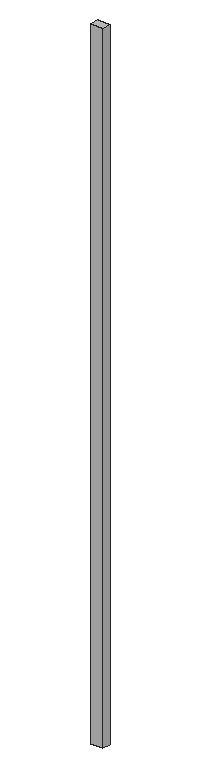
Revit family "STC_A3-conc-block-pier-21350-high", category Generic Models, host Wall, Revit 2016
Family settings
  Host = Wall
  Part Type = Normal
  Can host rebar = No
  Round Connector Dimension = Use Diameter
  Always vertical = Yes
  Cut with Voids When Loaded = No
  Shared = No
  Room Calculation Point = No
Parameters (values of type "16" X 9'4" Block Pier")
  WIDTH = 406.4 mm
  LEG R = 76.2 mm
  LEG L = 76.2 mm
  HEIGHT = 2844.8 mm
  GUAGE = 3.175 mm
  DEPTH L = 101.6 mm
  DEPTH R = 101.6 mm
  Assembly Code = ""
Reference planes
  plane 1: y = 0
  plane 2 "Center (Left/Right)": x = 0
  plane 3 "Wall Edge": y = 70
Forms (mm)
  Extrusion 1, solid, material "Masonry - Concrete Block"
    sketch origin (0, 13.988, 0) x (1, 0, 0) y (0, 1, 0)
      loop
        line (-200, 316.013) -> (-200, 56.012) -> (200, 56.012) -> (200, 316.013) -> (-200, 316.013)
    from 0 to 21350
Text (mm)
  text "Placement Side" at (0, 1019.848, 3124.603), in view "Right"
  text "Placement Side" at (-1787.662, 723.012, 0), in view "Ref. Level"
  text "Placement Side" at (0, 2073.289, 3571.227), in view "Left"
Dimensions and locks
  locked: plane 3 "Wall Edge" to host wall
  level to Extrusion 1 = 21350 mm
